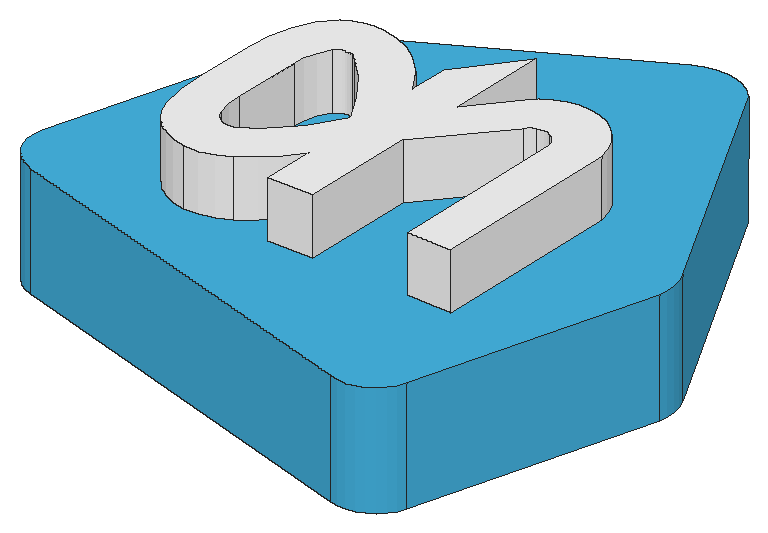
Revit family "AH_CubeGenericObjectData", category Generic Models, Revit 2025
Family settings
  Can host rebar = No
  Round Connector Dimension = Use Diameter
  Part Type = Normal
  Work Plane-Based = No
  Always vertical = Yes
  Cut with Voids When Loaded = No
  Maintain Annotation Orientation = No
  Shared = No
  Room Calculation Point = No
Parameters (values of type "Dummy")
  Standalone = ""
  Default Elevation = 0 mm
  Classificatie = ""
  Aanwezig in Project = no
Types (17, lengths in mm): name | Classificatie
  Dummy | ""
  Brandmeld en sprinklerinstallatie | "BS"
  Ontruimingsinstallatie | "OI"
  Brandmeldinstallatie | "BM"
  Fire shield brandwerend rolluik | "FS"
  Roltrap | "RT"
  Rolpad | "RP"
  Persoonslift | "PL"
  Heftafel | "HT"
  Goederen lift | "GL"
  Rolluik | "RL"
  Vetput | "VP"
  Parkeersysteem | "PS"
  Magazijn Overheaddeuren | "MO"
  Draaideur entreetourniquet | "DE"
  CO installatie parkeergarage | "CO-INS"
  Schuifdeur entree | "SE"
Reference planes
  plane 1 "Center (Front/Back)": y = 0
  plane 2: z = 0
  plane 3 "Center (Left/Right)": x = 0
Forms (mm)
  Extrusion 1, solid, material "AH_Blauw"
    sketch origin (2649.501, 1012.67, 0) x (1, 0, 0) y (0, 1, 0)
      loop
        arc (-2976.123, -755.914) -> (-3001.465, -777.939) -> (-3015.663, -808.365) r 80.78
        line (-3015.663, -808.365) -> (-3134.876, -1224.11)
        arc (-3134.876, -1224.11) -> (-3126.621, -1282.853) -> (-3079.876, -1319.373) r 79.176
        line (-3079.876, -1319.373) -> (-2387.768, -1517.832)
        arc (-2387.768, -1517.832) -> (-2329.598, -1512.743) -> (-2292.851, -1467.364) r 74.721
        line (-2292.851, -1467.364) -> (-2174.327, -1054.021)
        arc (-2174.327, -1054.021) -> (-2174.786, -1021.101) -> (-2185.614, -990.009) r 102.955
        line (-2185.614, -990.009) -> (-2429.382, -539.195)
        arc (-2429.382, -539.195) -> (-2484.781, -507.852) -> (-2547.559, -518.357) r 95.341
        line (-2547.559, -518.357) -> (-2976.123, -755.914)
    from 0 to 200
  Extrusion 2, solid, material "AH_Wit"
    sketch origin (2649.501, 1012.67, 0) x (1, 0, 0) y (0, 1, 0)
      loop
        arc (-2695.752, -950.515) -> (-2721.42, -913.386) -> (-2753.274, -881.406) r 253.181
        arc (-2753.274, -881.406) -> (-2790.741, -857.994) -> (-2833.209, -845.816) r 158.723
        arc (-2833.209, -845.816) -> (-2882.268, -853.586) -> (-2918.595, -887.461) r 84.944
        arc (-2918.595, -887.461) -> (-2940.306, -939.878) -> (-2947.712, -996.128) r 217.333
        line (-2947.712, -996.128) -> (-2947.712, -1106.128)
        arc (-2947.712, -1106.128) -> (-2945.357, -1151.177) -> (-2936.743, -1195.457) r 322.724
        arc (-2936.743, -1195.457) -> (-2902.159, -1250.415) -> (-2842.604, -1276.291) r 110
        arc (-2842.604, -1276.291) -> (-2804.545, -1272.226) -> (-2769.531, -1256.765) r 124.185
        arc (-2769.531, -1256.765) -> (-2728.664, -1223.853) -> (-2695.752, -1182.986) r 244.706
        line (-2695.752, -1182.986) -> (-2695.752, -1272.986) -> (-2615.716, -1272.986) -> (-2615.716, -1073.455) -> (-2506.149, -942.878)
        arc (-2506.149, -942.878) -> (-2499.599, -936.546) -> (-2491.556, -932.268) r 32.69
        arc (-2491.556, -932.268) -> (-2480.375, -930.296) -> (-2469.195, -932.268) r 32.69
        arc (-2469.195, -932.268) -> (-2453.597, -944.236) -> (-2447.685, -962.986) r 32.69
        line (-2447.685, -962.986) -> (-2447.685, -1272.986) -> (-2370.185, -1272.986) -> (-2370.185, -937.986)
        arc (-2370.185, -937.986) -> (-2396.991, -881.787) -> (-2448.913, -847.421) r 116.496
        arc (-2448.913, -847.421) -> (-2506.417, -846.417) -> (-2554.651, -877.741) r 98.356
        line (-2554.651, -877.741) -> (-2615.716, -950.515) -> (-2615.716, -778.073) -> (-2695.752, -880.515) -> (-2695.752, -950.515)
      loop
        arc (-2870.212, -1118.466) -> (-2867.915, -1144.716) -> (-2861.095, -1170.169) r 151.168
        arc (-2861.095, -1170.169) -> (-2852.84, -1183.127) -> (-2839.882, -1191.382) r 35.493
        arc (-2839.882, -1191.382) -> (-2827.188, -1193.053) -> (-2814.977, -1189.203) r 29.578
        arc (-2814.977, -1189.203) -> (-2802.651, -1181.202) -> (-2791.226, -1171.96) r 140.906
        arc (-2791.226, -1171.96) -> (-2746.695, -1124.265) -> (-2711.19, -1069.519) r 371.791
        arc (-2711.19, -1069.519) -> (-2725.046, -1043.592) -> (-2741.04, -1018.926) r 348.1
        arc (-2741.04, -1018.926) -> (-2757.407, -994.009) -> (-2776.093, -970.78) r 309.879
        arc (-2776.093, -970.78) -> (-2795.961, -950.55) -> (-2816.899, -931.43) r 521.575
        arc (-2816.899, -931.43) -> (-2820.255, -928.958) -> (-2823.955, -927.038) r 26.737
        arc (-2823.955, -927.038) -> (-2839.775, -926.286) -> (-2852.295, -935.984) r 22.89
        arc (-2852.295, -935.984) -> (-2865.644, -965.966) -> (-2870.212, -998.466) r 117.909
        line (-2870.212, -998.466) -> (-2870.212, -1118.466)
    from 200 to 300
Dimensions and locks
  aligned and locked: level to plane 2
